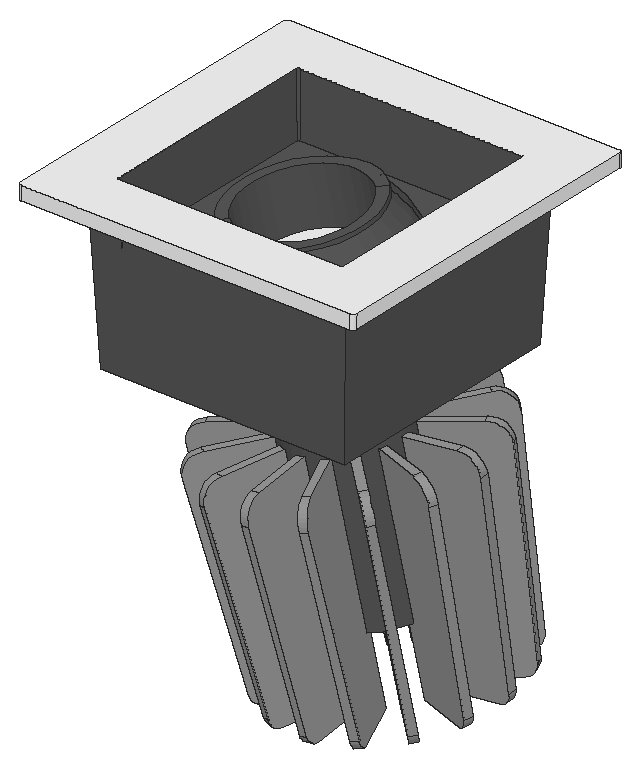
Revit family "2056236 Sylvania Lighting Fixture MYD ADJ SQ BLK 4K PHDIM WHT BEZ", category Lighting Fixtures, host Face, Revit 2016
Family settings
  Host = Face
  Part Type = Normal
  Round Connector Dimension = Use Diameter
  OmniClass Number = 23.80.70.00
  OmniClass Title = Lighting
  Cut with Voids When Loaded = Yes
  Light Source = No
  Shared = No
  Room Calculation Point = No
Parameters (values of type "2056236 MYD ADJ SQ BLK 4K PHDIM WHT BEZ")
  WidthCutOut_SYL = 72 mm
  Width_SYL = 86 mm
  WidthBezel_SYL = 7 mm
  Weight = "0.83 kg"
  Wattage Comments = "n/a"
  WarrantyStartDate [instance] = "n/a"
  WarrantyGuarantorParts = "n/a"
  WarrantyDurationUnit = "n/a"
  WarrantyDurationParts = "n/a"
  WarrantyDescription = "n/a"
  Voltage = 0 V
  VerticalTiltStart_FEILO [instance] = VerticalTilt_FEILO + 90.00°  # 135.00°
  VerticalTilt_FEILO [instance] = 45.00°
  URL = "http://www.sylvania-lighting.com"
  TypeName = "MYD ADJ SQ BLK 4K PHDIM WHT BEZ"
  TypeLamp_SYL = Myriad Adjustable Square Lamp : 2056236 MYD ADJ SQ BLK 4K PHDIM WHT BEZ
  Type Image = <None>
  Type Comments = "n/a"
  SphereRadius_FEILO = 31 mm
  SerialNumber [instance] = "n/a"
  Material_3_SYL = none
  PowerFactor = 0
  PowerConsumption = "10 W"
  NominalLength = 0 mm
  NominalHeight = 115 mm
  NominalDepth = 76 mm
  Name = "MYD ADJ SQ BLK 4K PHDIM WHT BEZ"
  ModelReference = Name  # "MYD ADJ SQ BLK 4K PHDIM WHT BEZ"
  ModelNumber = "2056236"
  Model = Name  # "MYD ADJ SQ BLK 4K PHDIM WHT BEZ"
  Material = "polycarbonate housing"
  ManufacturerName = "Feilo Sylvania"
  Manufacturer = "Feilo Sylvania"
  LuminousEfficacy = "68 lm/W"
  LuminaireType = ""
  LightOutputRatio = "100"
  LampsType = Lamp  # "LED"
  LampNominalLuminous = "684 lm"
  LampMacAdamStep = "n/a"
  LampColourTemperature = "4000 K"
  LampColourRenderingIndex = "85"
  Lamp = "LED"
  Keynote = "16500"
  InstallationDate [instance] = "n/a"
  InputVoltage = "n/a"
  InputNominalFrequency = "n/a"
  IngressProtection = "IP20"
  ImpactProtectionIndex = "IK02"
  IfcExportType = "IfcLightFixtureType"
  IfcExportAs = "IfcLightFixtureType"
  HorizontalTilt_FEILO [instance] = 10.00°
  HeightVoid_SYL = 16 mm
  HeightTop_SYL = 40 mm
  HeightBezel_SYL = 3.5 mm
  ExpectedLife = 50000
  ElectricShockClassification = "Class II"
  DurationUnit = "hours"
  DraftIn_SYL = tan(DraftAngle_SYL) * HeightVoid_SYL  # 0.699 mm
  DraftOut_SYL = tan(DraftAngle_SYL) * HeightTop_SYL  # 1.746 mm
  DraftAngle_SYL = 2.50°
  DocumentationLiterature = "http://www.sylvania-lighting.com/product/en-int/products/2056236"
  DimmingControlOptions = "n/a"
  Material_2_SYL = none
  Description = "MYD ADJ SQ BLK 4K PHDIM WHT BEZ"
  Default Elevation = 1219.2 mm
  CreatedOn = "9/11/2018"
  CreatedBy = "@sylvania-lighting.com"
  Cost = 0
  built-in parameter 1114216 [instance] = (empty or 0)
  ClassificationValue = "EF_70_80"
  ClassificationName = "Uniclass2015"
  Material_1_SYL = Body-Sylvania-MyriadAdjustableRound-Black
  BarCode [instance] = "n/a"
  AssetType = "Fixed"
  AssetIdentifier [instance] = "n/a"
  Assembly Code = "D5020200"
  Apparent Load = 10 VA
  Material_4_SYL = Body-Sylvania-MyriadAdjustableRound-White
Reference planes
  plane 1 "Center (Front/Back)": y = 0
  plane 2: z = 0
  plane 3 "Center (Left/Right)": x = 0
  plane 4: z = 3.5
  plane 5: z = -12.5
  plane 6: z = -24.5
  plane 7: x = -36
  plane 8: x = 36
  plane 9: x = -43
  plane 10: x = 43
  plane 11: x = -33
  plane 12: x = -31.254
  plane 13: x = 33
  plane 14: x = 31.254
  plane 15: y = 43
  plane 16: y = -43
  plane 17: y = 36
  plane 18: y = -36
  plane 19: y = -33
  plane 20: y = 33
  plane 21: y = 31.254
  plane 22: y = -31.254
  plane 23: z = -40
  plane 24: z = -130
  plane 25: y = 29
  plane 26: x = -29
  plane 27: x = 29
  plane 28: y = -29
  plane 29: x = -28.301
  plane 30: y = 28.301
  plane 31: x = 28.301
  plane 32: y = -28.301
  plane 33: x = -42.5
  plane 34: z = 3
Forms (mm)
  Revolve 1, solid, not visible
    sketch origin (0, 0, 0) x (1, 0, 0) y (0, 0, 1)
      loop
        line (0, -24.5) -> (2.4, -24.5) -> (2.4, -12.5) -> (0, -12.5) -> (0, -24.5)
      axis (0, -12.5) -> (0, -24.5)
    angle from 135 <- "VerticalTiltStart_FEILO" to 45 <- "VerticalTilt_FEILO"
  Extrusion 2, void
    sketch origin (0, 0, 0) x (1, 0, 0) y (0, 1, 0)
      loop
        line (-36, 36) -> (-36, -36) -> (36, -36) -> (36, 36) -> (-36, 36)
    from 0 to -130
  Extrusion 3, solid, material "Body-Sylvania-MyriadAdjustableRound-Black" <- "Material_1_SYL"
    sketch origin (0, 0, 0) x (1, 0, 0) y (0, 1, 0)
      loop
        arc (-42, 43) -> (-42.707, 42.707) -> (-43, 42) r 1
        line (-43, 42) -> (-43, -42)
        arc (-43, -42) -> (-42.707, -42.707) -> (-42, -43) r 1
        line (-42, -43) -> (42, -43)
        arc (42, -43) -> (42.707, -42.707) -> (43, -42) r 1
        line (43, -42) -> (43, 42)
        arc (43, 42) -> (42.707, 42.707) -> (42, 43) r 1
        line (42, 43) -> (-42, 43)
    from 0 to 3.5
  Blend 4, solid, material "Body-Sylvania-MyriadAdjustableRound-Black" <- "Material_1_SYL"
    base sketch origin (0, 0, 0) x (1, 0, 0) y (0, 1, 0)
      loop
        line (-33, 33) -> (-33, -33) -> (33, -33) -> (33, 33) -> (-33, 33)
    top sketch origin (0, 0, 0) x (1, 0, 0) y (0, 1, 0)
      loop
        line (-31.254, 31.254) -> (-31.254, -31.254) -> (31.254, -31.254) -> (31.254, 31.254) -> (-31.254, 31.254)
    from 0 to -40
  Blend 5, void
    base sketch origin (1223.4, -4572, 3.5) x (-1, 0, 0) y (0, -1, 0)
      loop
        arc (1251.727, -4601) -> (1252.203, -4600.803) -> (1252.4, -4600.327) r 0.673
        line (1252.4, -4600.327) -> (1252.4, -4543.673)
        arc (1252.4, -4543.673) -> (1252.203, -4543.197) -> (1251.727, -4543) r 0.673
        line (1251.727, -4543) -> (1195.073, -4543)
        arc (1195.073, -4543) -> (1194.597, -4543.197) -> (1194.4, -4543.673) r 0.673
        line (1194.4, -4543.673) -> (1194.4, -4600.327)
        arc (1194.4, -4600.327) -> (1194.597, -4600.803) -> (1195.073, -4601) r 0.673
        line (1195.073, -4601) -> (1251.727, -4601)
    top sketch origin (1223.4, -4572, 3.5) x (-1, 0, 0) y (0, -1, 0)
      loop
        arc (1251.201, -4600.301) -> (1251.555, -4600.155) -> (1251.701, -4599.801) r 0.5
        line (1251.701, -4599.801) -> (1251.701, -4544.199)
        arc (1251.701, -4544.199) -> (1251.555, -4543.845) -> (1251.201, -4543.699) r 0.5
        line (1251.201, -4543.699) -> (1195.638, -4543.699)
        arc (1195.638, -4543.699) -> (1195.257, -4543.857) -> (1195.099, -4544.238) r 0.539
        line (1195.099, -4544.238) -> (1195.099, -4599.801)
        arc (1195.099, -4599.801) -> (1195.245, -4600.155) -> (1195.599, -4600.301) r 0.5
        line (1195.599, -4600.301) -> (1251.201, -4600.301)
    from 0 to -16
  Revolve 6, void
    sketch origin (0, 0, 0) x (1, 0, 0) y (0, 0, 1)
      loop
        arc (0, 5.853) -> (-24.7, -24.5) -> (0, -54.853) r 31
        line (0, -54.853) -> (0, 5.853)
      axis (0, 5.853) -> (0, -54.853)
    angle from 360 to 0
Cuts and joins
  Blend 5 cuts Extrusion 3
  Blend 5, Revolve 6 cuts Blend 4
  joined: Extrusion 3, Blend 4
Lines and regions (mm)
  reference lines
    curve 1: circle (6.3, 0, -24.5) r 31 normal (0, -1, 0)
Dimensions and locks
  "HeightBezel_SYL": plane 4 to plane 2
  locked: plane 5 to plane 6 at 12
  equal spacing: plane 9, plane 3 "Center (Left/Right)", plane 10
  equal spacing: plane 16, plane 1 "Center (Front/Back)", plane 15
  "Width_SYL": plane 16 to plane 15
  "Width_SYL": plane 9 to plane 10
  equal spacing: plane 7, plane 3 "Center (Left/Right)", plane 8
  "WidthCutOut_SYL": plane 7 to plane 8
  equal spacing: plane 18, plane 1 "Center (Front/Back)", plane 17
  "WidthCutOut_SYL": plane 18 to plane 17
  equal spacing: plane 11, plane 3 "Center (Left/Right)", plane 13
  equal spacing: plane 19, plane 1 "Center (Front/Back)", plane 20
  locked: plane 18 to plane 19 at 3
  locked: plane 7 to plane 11 at 3
  equal spacing: plane 12, plane 3 "Center (Left/Right)", plane 14
  "DraftOut_SYL": plane 11 to plane 12
  equal spacing: plane 22, plane 1 "Center (Front/Back)", plane 21
  "DraftOut_SYL": plane 19 to plane 22
  "HeightTop_SYL": plane 2 to plane 23
  locked: plane 2 to plane 24 at 130
  equal spacing: plane 26, plane 3 "Center (Left/Right)", plane 27
  equal spacing: plane 28, plane 1 "Center (Front/Back)", plane 25
  "WidthBezel_SYL": plane 25 to plane 17
  "WidthBezel_SYL": plane 7 to plane 26
  equal spacing: plane 29, plane 3 "Center (Left/Right)", plane 31
  "DraftIn_SYL": plane 26 to plane 29
  equal spacing: plane 32, plane 1 "Center (Front/Back)", plane 30
  "DraftIn_SYL": plane 28 to plane 32
  "HeightVoid_SYL": plane 4 to plane 5
  locked: plane 33 to plane 9 at 0.5
  locked: plane 4 to plane 34 at 0.5
  curve 1 to plane 3 "Center (Left/Right)" = 6.3 mm
  "SphereRadius_FEILO": radius of curve 1
  aligned and locked: plane 2 to host face
  aligned and locked: level to host face
  aligned and locked: plane 6 to Revolve 1 sketch curve
  aligned and locked: Revolve 1 sketch curve to plane 3 "Center (Left/Right)"  (x2)
  aligned and locked: Revolve 1 sketch curve to plane 5
  aligned and locked: plane 17 to Extrusion 2 sketch curve
  aligned and locked: Extrusion 2 sketch curve to plane 18
  aligned and locked: Extrusion 2 sketch curve to plane 8
  aligned and locked: plane 7 to Extrusion 2 sketch curve
  aligned and locked: plane 24 to Extrusion 2
  aligned and locked: level to Extrusion 2
  aligned and locked: plane 15 to Extrusion 3 sketch curve
  aligned and locked: plane 9 to Extrusion 3 sketch curve
  aligned and locked: Extrusion 3 sketch curve to plane 16
  aligned and locked: Extrusion 3 sketch curve to plane 10
  aligned and locked: Extrusion 3 to plane 4
  aligned and locked: Extrusion 3 to level
  aligned and locked: plane 20 to Blend 4 sketch curve
  aligned and locked: Blend 4 sketch curve to plane 19
  aligned and locked: Blend 4 sketch curve to plane 13
  aligned and locked: plane 11 to Blend 4 sketch curve
  aligned and locked: plane 21 to Blend 4 sketch curve
  aligned and locked: plane 12 to Blend 4 sketch curve
  aligned and locked: Blend 4 sketch curve to plane 22
  aligned and locked: Blend 4 sketch curve to plane 14
  aligned and locked: plane 23 to Blend 4
  aligned and locked: level to Blend 4
  aligned and locked: nested 1 to plane 6
  aligned and locked: plane 25 to Blend 5 sketch curve
  aligned and locked: plane 26 to Blend 5 sketch curve
  aligned and locked: Blend 5 sketch curve to plane 28
  aligned and locked: Blend 5 sketch curve to plane 27
  aligned and locked: plane 30 to Blend 5 sketch curve
  aligned and locked: plane 29 to Blend 5 sketch curve
  aligned and locked: Blend 5 sketch curve to plane 32
  aligned and locked: Blend 5 sketch curve to plane 31
  aligned and locked: plane 5 to Blend 5
  aligned and locked: Blend 5 to plane 4
  aligned and locked: plane 6 to curve 1
  aligned and locked: Revolve 6 sketch curve to plane 3 "Center (Left/Right)"
Automatic sketch dimensions
  host sketch curve to host sketch curve = 2438.4 mm  (x2)
  Revolve 1 sketch curve to plane 4 = 2605.558 mm
  plane 3 "Center (Left/Right)" to Revolve 1 sketch curve = 2.4 mm
  plane 6 to Revolve 1 sketch curve = 577.6 mm
  plane 9 to Extrusion 3 sketch curve = 1 mm
  Extrusion 3 sketch curve to Extrusion 3 sketch curve = 1 mm
  Extrusion 3 sketch curve to plane 10 = 1 mm  (x2)
  plane 31 to Blend 5 sketch curve = 0.026 mm  (x2)
  Blend 5 sketch curve to plane 29 = 0.026 mm  (x2)
  Blend 5 sketch curve to Blend 5 sketch curve = 0.5 mm
  Blend 5 sketch curve to Blend 5 sketch curve = 0.539 mm
  plane 29 to Blend 5 sketch curve = 0.5 mm  (x2)
  plane 24 to Revolve 6 sketch curve = 479.6 mm
  Revolve 6 sketch curve to plane 4 = 2605.558 mm
  Revolve 6 sketch curve to plane 3 "Center (Left/Right)" = 0 mm
  Revolve 6 sketch curve to plane 6 = 0 mm
  plane 3 "Center (Left/Right)" to Revolve 6 sketch curve = 6.3 mm
  Revolve 6 sketch curve to plane 4 = 2.353 mm
Nested families
  nested 1: "Myriad Adjustable Square Rotation Feature" at (-0.473, 0.473, -24.5) x (-0.7071, 0.7071, 0) z (-0.7071, -0.7071, 0), HorizontalAxis <- "HorizontalTilt_FEILO", type "Myriad Adjustable Square Rotation Feature"
    with HorizontalAxis 10.00°, EndAngle 100.00°
  nested 2: "Myriad Adjustable Square Lamp" at (0, 0, -24.5) x (0.6964, 0.6964, 0.1736) z (0.1228, 0.1228, -0.9848), type <- "TypeLamp_SYL", type "2056236 MYD ADJ SQ BLK 4K PHDIM WHT BEZ"
Connectors
  electrical at (0, 0, 0), driven by "Apparent Load", driven by "PowerFactor", driven by "Voltage"
    settings: index 1, voltage 0 V, apparent load 10 VA, apparent load phase1 0 VA, apparent load phase2 0 VA, apparent load phase3 0 VA, power factor 0, load classification "Lighting", number of poles 1, system type 30, power factor state 1, is connector primary yes, connector utility no, sub classification motor no, connector description ""
Definition of nested family "Myriad Adjustable Square Rotation Feature"
  Parameters (values of type "Myriad Adjustable Square Rotation Feature")
    URL = "http://www.sylvania-lighting.com"
    Type Comments = "n/a"
    Model = "n/a"
    Manufacturer = "Feilo Sylvania"
    Keynote = "n/a"
    HorizontalAxis [instance] = 0.00°
    EndAngle [instance] = HorizontalAxis + 90.00°  # 90.00°
    Description = "n/a"
    Default Elevation = 1219.2 mm
    Cost = 0
    Assembly Code = "n/a"
  Reference planes
    plane 1 "Center (Front/Back)": y = 0
    plane 2: z = 0
    plane 3 "Center (Left/Right)": x = 0
    plane 4: z = 10
    plane 5: x = -10
    plane 6: x = 10
  Forms (mm)
    Extrusion 1, solid
      sketch origin (-0.8, 0, 0) x (1, 0, 0) y (0, 1, 0)
        loop
          line (-1219.2, 1219.2) -> (-1219.2, -1219.2) -> (1219.2, -1219.2) -> (1219.2, 1219.2) -> (-1219.2, 1219.2)
      from 0 to -304.8
    Revolve 2, solid
      sketch origin (0, 0, 0) x (1, 0, 0) y (0, 0, 1)
        loop
          line (-10, 10) -> (-10, 0) -> (10, 0) -> (10, 10) -> (-10, 10)
        axis (-10, 0) -> (10, 0)
      angle from 0 <- "HorizontalAxis" to 90 <- "EndAngle"
  Dimensions and locks
    plane 4 to plane 2 = 10 mm
    aligned and locked: plane 2 to Extrusion 1
    aligned and locked: level to Extrusion 1
    aligned and locked: Revolve 2 sketch curve to plane 4
    aligned and locked: plane 5 to Revolve 2 sketch curve
    aligned and locked: Extrusion 1 to Revolve 2 sketch curve
    aligned and locked: Revolve 2 sketch curve to plane 2
    aligned and locked: Revolve 2 sketch curve to plane 6
Definition of nested family "Myriad Adjustable Square Lamp"
  Parameters (values of type "2058044 MYSQ AD BLK 2.7K DALI SIL BZ")
    Wattage = 10 W
    built-in parameter 1150110 = 1 (stored number, unit not read)
    URL = "http://www.sylvania-lighting.com"
    Type Comments = "n/a"
    built-in parameter 1114217 = 1 (stored number, unit not read)
    Tilt Angle = 90.00°
    built-in parameter 1150109 = 1 (stored number, unit not read)
    built-in parameter 1150134 = (empty or 0)
    built-in parameter 1150113 = 1 (stored number, unit not read)
    SphereRadius_SYL = 31 mm
    RimHeight_SYL = 1 mm
    Material_3_SYL = none
    Photometric Web File = "2058044.ies"
    Model = "MYSQ AD BLK 2.7K DALI SIL BZ"
    Manufacturer = "Feilo Sylvania"
    built-in parameter 1150105 = 54.113 (stored number, unit not read)
    Lumens = 680 lm
    built-in parameter 1150115 = 1 (stored number, unit not read)
    built-in parameter 1150137 = (empty or 0)
    built-in parameter 1150139 = (empty or 0)
    built-in parameter 1150112 = 1 (stored number, unit not read)
    built-in parameter 1150114 = 1 (stored number, unit not read)
    Lamp = "LED"
    Keynote = "16500"
    built-in parameter 1150132 = (empty or 0)
    built-in parameter 1150102 = (empty or 0)
    built-in parameter 1150107 = 2700 (stored number, unit not read)
    built-in parameter 1150138 = (empty or 0)
    built-in parameter 1150106 = 0.54113 (stored number, unit not read)
    Emit from Circle Diameter = 30 mm
    Emit Shape Visible in Rendering = no
    built-in parameter 1150104 = 6.3174 (stored number, unit not read)
    Dimming Lamp Color Temperature Shift = (empty or 0)
    Material_2_SYL = none
    Description = "Myriad Adjustable Square 2700K DALI black interior with silver bezel"
    Default Elevation = 1219.2 mm
    Cost = 0
    Color Filter = 16777215
    Material_1_SYL = none
    built-in parameter 1114218 = 1 (stored number, unit not read)
    built-in parameter 1150133 = 10 (stored number, unit not read)
    Assembly Code = "D5020200"
    Material_4_SYL = none
    Apparent Load = 10 VA
  Types (24, lengths in mm): name | built-in parameter 1150134 | Photometric Web File | Model | built-in parameter 1150105 | Lumens | built-in parameter 1150107 | built-in parameter 1150106 | built-in parameter 1150104 | Description
    2058044 MYSQ AD BLK 2.7K DALI SIL BZ | (empty or 0) | "2058044.ies" | "MYSQ AD BLK 2.7K DALI SIL BZ" | 54.113 (stored number, unit not read) | 680 lm | 2700 (stored number, unit not read) | 0.54113 (stored number, unit not read) | 6.3174 (stored number, unit not read) | "Myriad Adjustable Square 2700K DALI black interior with silver bezel"
    2058043 MYSQ AD BLK 2.7K PHDIM SIL BZ | (empty or 0) | "2058043.ies" | "MYSQ AD BLK 2.7K PHDIM SIL BZ" | 54.113 (stored number, unit not read) | 680 lm | 2700 (stored number, unit not read) | 0.54113 (stored number, unit not read) | 6.3174 (stored number, unit not read) | "Myriad Adjustable Square 2700K Phase dimmable black interior with silver bezel"
    2058042 MYSQ AD BLK 2.7K DALI WHT BZ | (empty or 0) | "2058042.ies" | "MYSQ AD BLK 2.7K DALI WHT BZ" | 54.113 (stored number, unit not read) | 680 lm | 2700 (stored number, unit not read) | 0.54113 (stored number, unit not read) | 6.3174 (stored number, unit not read) | "Myriad Adjustable Square 2700K DALI black interior with white bezel"
    2058041 MYSQ AD BLK 2.7K PHDIM WHT BZ | (empty or 0) | "2058041.ies" | "MYSQ AD BLK 2.7K PHDIM WHT BZ" | 45.359 (stored number, unit not read) | 570 lm | 2700 (stored number, unit not read) | 0.45359 (stored number, unit not read) | 5.2955 (stored number, unit not read) | "Myriad Adjustable Square 2700K Phase dimmable black interior with white bezel"
    2058040 MYSQ AD WHT 2.7K DALI SIL BZ | (empty or 0) | "2058040.ies" | "MYSQ AD WHT 2.7K DALI SIL BZ" | 45.359 (stored number, unit not read) | 570 lm | 2700 (stored number, unit not read) | 0.45359 (stored number, unit not read) | 5.2955 (stored number, unit not read) | "Myriad Adjustable Square 2700K DALI White interior with silver bezel."
    2058039 MYSQ AD WHT 2.7K PHDIM SIL BZ | (empty or 0) | "2058039.ies" | "MYSQ AD WHT 2.7K PHDIM SIL BZ" | 54.113 (stored number, unit not read) | 680 lm | 2700 (stored number, unit not read) | 0.54113 (stored number, unit not read) | 6.3174 (stored number, unit not read) | "MYSQ AD WHT 2.7K PHDIM SIL BZ"
    2058038 MYSQ AD WHT 2.7K DALI WHT BZ | (empty or 0) | "2058038.ies" | "MYSQ AD WHT 2.7K DALI WHT BZ" | 54.113 (stored number, unit not read) | 680 lm | 2700 (stored number, unit not read) | 0.54113 (stored number, unit not read) | 6.3174 (stored number, unit not read) | "MYSQ AD WHT 2.7K DALI WHT BZ"
    2058037 MYSQ AD WHT 2.7K PHDIM WHT BZ | (empty or 0) | "2058037.ies" | "MYSQ AD WHT 2.7K PHDIM WHT BZ" | 54.113 (stored number, unit not read) | 680 lm | 2700 (stored number, unit not read) | 0.54113 (stored number, unit not read) | 6.3174 (stored number, unit not read) | "Myriad Adjustable SQ White 2,7K Phase dim White Bezel"
    2056239 MYD ADJ SQ BLK 4K DALI SIL BEZ | 12 | "2056239.ies" | "MYD ADJ SQ BLK 4K DALI SIL BEZ" | 54.113 (stored number, unit not read) | 680 lm | 4000 (stored number, unit not read) | 0.54113 (stored number, unit not read) | 6.3174 (stored number, unit not read) | "MYD ADJ SQ BLK 4K DALI SIL BEZ"
    2056238 MYR ADJ SQ BLK 4K PHDIM SIL BEZ | 12 | "2056238.ies" | "MYR ADJ SQ BLK 4K PHDIM SIL BEZ" | 54.113 (stored number, unit not read) | 680 lm | 4000 (stored number, unit not read) | 0.54113 (stored number, unit not read) | 6.3174 (stored number, unit not read) | "MYR ADJ SQ BLK 4K PHDIM SIL BEZ"
    2056237 MYD ADJ SQ BLK 4K DALI WHT BEZ | 12 | "2056237.ies" | "MYD ADJ SQ BLK 4K DALI WHT BEZ" | 54.113 (stored number, unit not read) | 680 lm | 4000 (stored number, unit not read) | 0.54113 (stored number, unit not read) | 6.3174 (stored number, unit not read) | "MYD ADJ SQ BLK 4K DALI WHT BEZ"
    2056236 MYD ADJ SQ BLK 4K PHDIM WHT BEZ | 12 | "2056236.ies" | "MYD ADJ SQ BLK 4K PHDIM WHT BEZ" | 54.113 (stored number, unit not read) | 680 lm | 4000 (stored number, unit not read) | 0.54113 (stored number, unit not read) | 6.3174 (stored number, unit not read) | "MYD ADJ SQ BLK 4K PHDIM WHT BEZ"
    2056235 MYD ADJ SQ BLK 3K DALI SIL BEZ | (empty or 0) | "2056235.ies" | "MYD ADJ SQ BLK 3K DALI SIL BEZ" | 55.704 (stored number, unit not read) | 700 lm | 3000 (stored number, unit not read) | 0.55704 (stored number, unit not read) | 6.5032 (stored number, unit not read) | "MYD ADJ SQ BLK 3K DALI SIL BEZ"
    2056234 MYD ADJ SQ BLK 3K PHDIM SILBEZ | (empty or 0) | "2056234.ies" | "MYD ADJ SQ BLK 3K PHDIM SILBEZ" | 55.704 (stored number, unit not read) | 700 lm | 3000 (stored number, unit not read) | 0.55704 (stored number, unit not read) | 6.5032 (stored number, unit not read) | "MYD ADJ SQ BLK 3K PHDIM SILBEZ"
    2056233 MYD ADJ SQ BLK 3K DALI WHT BEZ | (empty or 0) | "2056233.ies" | "MYD ADJ SQ BLK 3K DALI WHT BEZ" | 55.704 (stored number, unit not read) | 700 lm | 3000 (stored number, unit not read) | 0.55704 (stored number, unit not read) | 6.5032 (stored number, unit not read) | "MYD ADJ SQ BLK 3K DALI WHT BEZ"
    2056232 MYD ADJ SQ BLK 3K PHDIM WHT BEZ | (empty or 0) | "2056232.ies" | "MYD ADJ SQ BLK 3K PHDIM WHT BEZ" | 55.704 (stored number, unit not read) | 700 lm | 3000 (stored number, unit not read) | 0.55704 (stored number, unit not read) | 6.5032 (stored number, unit not read) | "MYD ADJ SQ BLK 3K PHDIM WHT BEZ"
    2056231 MYD ADJ SQ WHT 4K DALI SIL BEZ | 12 | "2056231.ies" | "MYD ADJ SQ WHT 4K DALI SIL BEZ" | 54.113 (stored number, unit not read) | 680 lm | 4000 (stored number, unit not read) | 0.54113 (stored number, unit not read) | 6.3174 (stored number, unit not read) | "MYD ADJ SQ WHT 4K DALI SIL BEZ"
    2056230 MYD ADJ SQ WHT 4K PHDIM SIL BEZ | 12 | "2056230.ies" | "MYD ADJ SQ WHT 4K PHDIM SIL BEZ" | 54.113 (stored number, unit not read) | 680 lm | 4000 (stored number, unit not read) | 0.54113 (stored number, unit not read) | 6.3174 (stored number, unit not read) | "Myriad Adjustable Square 4000K phase dimmable white with silver bezel"
    2056229 MYD ADJ SQ WHT 4K DALI WHT BEZ | 12 | "2056229.ies" | "MYD ADJ SQ WHT 4K DALI WHT BEZ" | 54.113 (stored number, unit not read) | 680 lm | 4000 (stored number, unit not read) | 0.54113 (stored number, unit not read) | 6.3174 (stored number, unit not read) | "MYD ADJ SQ WHT 4K DALI WHT BEZ"
    2056228 MYD ADJ SQ WHT 4K PHDIM WHT BEZ | 12 | "2056228.ies" | "MYD ADJ SQ WHT 4K PHDIM WHT BEZ" | 54.113 (stored number, unit not read) | 680 lm | 4000 (stored number, unit not read) | 0.54113 (stored number, unit not read) | 6.3174 (stored number, unit not read) | "MYD ADJ SQ WHT 4K PHDIM WHT BEZ"
    2056227 MYD ADJ SQ WHT 3K DALI SIL BEZ | (empty or 0) | "2056227.ies" | "MYD ADJ SQ WHT 3K DALI SIL BEZ" | 55.704 (stored number, unit not read) | 700 lm | 3000 (stored number, unit not read) | 0.55704 (stored number, unit not read) | 6.5032 (stored number, unit not read) | "MYD ADJ SQ WHT 3K DALI SIL BEZ"
    2056226 MYD ADJ SQ WHT 3K PHDIM SIL BEZ | (empty or 0) | "2056226.ies" | "MYD ADJ SQ WHT 3K PHDIM SIL BEZ" | 55.704 (stored number, unit not read) | 700 lm | 3000 (stored number, unit not read) | 0.55704 (stored number, unit not read) | 6.5032 (stored number, unit not read) | "MYD ADJ SQ WHT 3K PHDIM SIL BEZ"
    2056225 MYD ADJ SQ WHT 3K DALI WHT BEZ | (empty or 0) | "2056225.ies" | "MYD ADJ SQ WHT 3K DALI WHT BEZ" | 55.704 (stored number, unit not read) | 700 lm | 3000 (stored number, unit not read) | 0.55704 (stored number, unit not read) | 6.5032 (stored number, unit not read) | "MYD ADJ SQ WHT 3K DALI WHT BEZ"
    2056224 MYD ADJ SQ WHT 3K PHDIM WHT BEZ | (empty or 0) | "2056224.ies" | "MYD ADJ SQ WHT 3K PHDIM WHT BEZ" | 55.704 (stored number, unit not read) | 700 lm | 3000 (stored number, unit not read) | 0.55704 (stored number, unit not read) | 6.5032 (stored number, unit not read) | "MYD ADJ SQ WHT 3K PHDIM WHT BEZ"
  Reference planes
    plane 1 "Center (Front/Back)": y = 0
    plane 2: z = 0
    plane 3 "Center (Left/Right)": x = 0
    plane 4: x = -35
    plane 5: x = -12
    plane 6: x = -15
    plane 7: x = -25
    plane 8: x = -17.8
    plane 9: z = -19.5
    plane 10: z = 19.5
    plane 11: z = 30.5
    plane 12: z = 71.5
    plane 13: z = 90.5
    plane 14: z = 0
    plane 15: z = -5.5
    plane 16: x = -30
    plane 17: z = -20.5
  Forms (mm)
    Extrusion 1, solid
      sketch origin (-0.8, 0, 0) x (1, 0, 0) y (0, 1, 0)
        loop
          line (-1219.2, 1219.2) -> (-1219.2, -1219.2) -> (1219.2, -1219.2) -> (1219.2, 1219.2) -> (-1219.2, 1219.2)
      from 0 to -304.8
    Revolve 2, solid, material <- "Material_1_SYL"
      sketch origin (0, 0, 0) x (1, 0, 0) y (0, 0, 1)
        loop
          line (-15, -20.5) -> (-15, -5.5) -> (0, -5.5) -> (0, 30.5) -> (-12, 30.5) -> (-12, 71.5) -> (-15, 71.5) -> (-15, 19.5) -> (-17.8, 19.5)
          arc (-17.8, 19.5) -> (-24.701, 0) -> (-17.8, -19.5) r 31
          line (-17.8, -19.5) -> (-17.8, -20.5) -> (-15, -20.5)
        axis (0, 71.5) -> (0, -20.5)
      angle from 0 to 360
    Revolve 3, solid, material <- "Material_1_SYL", detail levels coarse+medium
      sketch origin (0, 0, 0) x (1, 0, 0) y (0, 0, 1)
        loop
          line (0, 30.5) -> (0, 90.5) -> (-30, 90.5) -> (-35, 30.5) -> (0, 30.5)
        axis (0, 90.5) -> (0, 30.5)
      angle from 0 to 360
  Lines and regions (mm)
    reference lines
      curve 1: line (0, 0, 0) -> (-32.336, 13.394, 0)
      curve 2: circle (0, 0, 0) r 35 normal (0, 0, 1)
      curve 3: line (0, 0, 0) -> (-24.749, 24.749, 0)
      curve 4: line (0, 0, 0) -> (-13.394, 32.336, 0)
      curve 5: line (0, 0, 0) -> (13.394, 32.336, 0)
      curve 6: line (0, 0, 0) -> (24.749, 24.749, 0)
      curve 7: line (0, 0, 0) -> (32.336, 13.394, 0)
      curve 8: line (0, 0, 0) -> (32.336, -13.394, 0)
      curve 9: line (0, 0, 0) -> (24.749, -24.749, 0)
      curve 10: line (0, 0, 0) -> (13.394, -32.336, 0)
      curve 11: line (0, 0, 0) -> (-13.394, -32.336, 0)
      curve 12: line (0, 0, 0) -> (-24.749, -24.749, 0)
      curve 13: line (0, 0, 0) -> (-32.336, -13.394, 0)
  Dimensions and locks
    locked: plane 3 "Center (Left/Right)" to plane 4 at 35
    locked: plane 3 "Center (Left/Right)" to plane 5 at 12
    locked: plane 3 "Center (Left/Right)" to plane 6 at 15
    locked: plane 3 "Center (Left/Right)" to plane 7 at 25
    locked: plane 3 "Center (Left/Right)" to plane 8 at 17.8
    equal spacing: plane 10, plane 14, plane 9
    locked: plane 3 "Center (Left/Right)" to plane 16 at 30
    "RimHeight_SYL": plane 9 to plane 17
    locked: plane 15 to plane 17 at 15
    locked: plane 10 to plane 17 at 40
    locked: plane 11 to plane 17 at 51
    locked: plane 12 to plane 17 at 92
    locked: plane 13 to plane 17 at 111
    radius of curve 2 = 35 mm
    "SphereRadius_SYL": radius of Revolve 2 sketch curve
    angle curve 3 to plane 1 "Center (Front/Back)" = 45.00°
    angle curve 4 to plane 1 "Center (Front/Back)" = 67.50°
    angle plane 1 "Center (Front/Back)" to curve 5 = 67.50°
    angle plane 1 "Center (Front/Back)" to curve 6 = 45.00°
    angle plane 1 "Center (Front/Back)" to curve 7 = 22.50°
    angle curve 8 to plane 1 "Center (Front/Back)" = 22.50°
    angle curve 9 to plane 1 "Center (Front/Back)" = 45.00°
    angle curve 10 to plane 1 "Center (Front/Back)" = 67.50°
    angle curve 11 to plane 3 "Center (Left/Right)" = 22.50°
    angle curve 12 to plane 3 "Center (Left/Right)" = 45.00°
    angle curve 13 to plane 3 "Center (Left/Right)" = 67.50°
    aligned and locked: plane 2 to Extrusion 1
    aligned and locked: level to Extrusion 1
    aligned and locked: Revolve 2 sketch curve to plane 3 "Center (Left/Right)"  (x2)
    aligned and locked: plane 8 to Revolve 2 sketch curve  (x2)
    aligned and locked: plane 10 to Revolve 2 sketch curve
    aligned and locked: plane 6 to Revolve 2 sketch curve  (x2)
    aligned and locked: plane 12 to Revolve 2 sketch curve
    aligned and locked: Revolve 2 sketch curve to plane 5
    aligned and locked: plane 3 "Center (Left/Right)" to Revolve 2 sketch curve
    aligned and locked: plane 11 to Revolve 2 sketch curve
    aligned and locked: plane 3 "Center (Left/Right)" to curve 1
    aligned and locked: plane 3 "Center (Left/Right)" to curve 2
    aligned and locked: Revolve 3 sketch curve to plane 3 "Center (Left/Right)"
    aligned and locked: plane 13 to Revolve 3 sketch curve
    aligned and locked: plane 14 to level
    aligned and locked: plane 17 to Revolve 2 sketch curve
    aligned and locked: plane 15 to Revolve 2 sketch curve
    aligned and locked: imposter light to plane 1 "Center (Front/Back)"
    aligned and locked: plane 3 "Center (Left/Right)" to imposter light
    aligned and locked: plane 1 "Center (Front/Back)" to nested 1
    aligned and locked: plane 3 "Center (Left/Right)" to nested 1
    aligned and locked: imposter light to plane 15
  Automatic sketch dimensions
    Extrusion 1 sketch curve to Extrusion 1 sketch curve = 2438.4 mm  (x2)
    plane 1 "Center (Front/Back)" to curve 2 = 0 mm
    plane 1 "Center (Front/Back)" to curve 11 = 0 mm
    curve 1 to plane 16 = 2.336 mm
    Revolve 3 sketch curve to level = 609.6 mm
    Revolve 3 sketch curve to Revolve 3 sketch curve = 2498.058 mm
    Revolve 3 sketch curve to plane 4 = 0 mm
    Revolve 3 sketch curve to plane 16 = 0 mm
    Revolve 3 sketch curve to plane 3 "Center (Left/Right)" = 0 mm
    Revolve 3 sketch curve to plane 11 = 0 mm
    Revolve 2 sketch curve to level = 0 mm
    Revolve 2 sketch curve to plane 17 = 588.1 mm
    Revolve 2 sketch curve to plane 13 = 2498.058 mm
  Nested families
    nested 1: "Myriad Rib" at (0, 0, -20.5), type "Myriad Rib", detail levels fine
    nested 2: "Myriad Rib" at (0, 0, -20.5) x (0.9239, -0.3827, 0) z (0, 0, 1), type "Myriad Rib", detail levels fine
    nested 3: "Myriad Rib" at (0, 0, -20.5) x (0.7071, -0.7071, 0) z (0, 0, 1), type "Myriad Rib", detail levels fine
    nested 4: "Myriad Rib" at (0, 0, -20.5) x (0.3827, -0.9239, 0) z (0, 0, 1), type "Myriad Rib", detail levels fine
    nested 5: "Myriad Rib" at (0, 0, -20.5) x (0, -1, 0) z (0, 0, 1), type "Myriad Rib", detail levels fine
    nested 6: "Myriad Rib" at (0, 0, -20.5) x (-0.3827, -0.9239, 0) z (0, 0, 1), type "Myriad Rib", detail levels fine
    nested 7: "Myriad Rib" at (0, 0, -20.5) x (-0.7071, -0.7071, 0) z (0, 0, 1), type "Myriad Rib", detail levels fine
    nested 8: "Myriad Rib" at (0, 0, -20.5) x (-0.9239, -0.3827, 0) z (0, 0, 1), type "Myriad Rib", detail levels fine
    nested 9: "Myriad Rib" at (0, 0, -20.5) x (-1, 0, 0) z (0, 0, 1), type "Myriad Rib", detail levels fine
    nested 10: "Myriad Rib" at (0, 0, -20.5) x (-0.9239, 0.3827, 0) z (0, 0, 1), type "Myriad Rib", detail levels fine
    nested 11: "Myriad Rib" at (0, 0, -20.5) x (-0.7071, 0.7071, 0) z (0, 0, 1), type "Myriad Rib", detail levels fine
    nested 12: "Myriad Rib" at (0, 0, -20.5) x (-0.3827, 0.9239, 0) z (0, 0, 1), type "Myriad Rib", detail levels fine
    nested 13: "Myriad Rib" at (0, 0, -20.5) x (0, 1, 0) z (0, 0, 1), type "Myriad Rib", detail levels fine
    nested 14: "Myriad Rib" at (0, 0, -20.5) x (0.3827, 0.9239, 0) z (0, 0, 1), type "Myriad Rib", detail levels fine
    nested 15: "Myriad Rib" at (0, 0, -20.5) x (0.7071, 0.7071, 0) z (0, 0, 1), type "Myriad Rib", detail levels fine
    nested 16: "Myriad Rib" at (0, 0, -20.5) x (0.9239, 0.3827, 0) z (0, 0, 1), type "Myriad Rib", detail levels fine
  Definition of nested family "Myriad Rib"
    Parameters (values of type "Myriad Rib")
      URL = "http://www.feilosylvania.com"
      Type Comments = "n/a"
      Material_3_SYL = none
      Model = "n/a"
      Manufacturer = "Feilo Sylvania"
      Keynote = "n/a"
      Material_2_SYL = none
      Description = "n/a"
      Default Elevation = 1219.2 mm
      Cost = 0
      Material_1_SYL = none
      Assembly Code = "n/a"
      Material_4_SYL = none
    Reference planes
      plane 1 "Center (Front/Back)": y = 0
      plane 2: z = 0
      plane 3 "Center (Left/Right)": x = 0
      plane 4: x = -35
      plane 5: x = -30
      plane 6: x = -13
      plane 7: z = 51
      plane 8: z = 111
      plane 9: y = 1
      plane 10: y = -1
    Forms (mm)
      Extrusion 1, solid
        sketch origin (-0.8, 0, 0) x (1, 0, 0) y (0, 1, 0)
          loop
            line (-1219.2, 1219.2) -> (-1219.2, -1219.2) -> (1219.2, -1219.2) -> (1219.2, 1219.2) -> (-1219.2, 1219.2)
        from 0 to -304.8
      Extrusion 2, solid, material <- "Material_1_SYL"
        sketch origin (0, 0, 0) x (1, 0, 0) y (0, 0, 1)
          loop
            line (-13, 111) -> (-27.182, 111)
            arc (-27.182, 111) -> (-29.214, 110.208) -> (-30.172, 108.249) r 3
            line (-30.172, 108.249) -> (-34.491, 56.415)
            arc (-34.491, 56.415) -> (-33.188, 52.614) -> (-29.509, 51) r 5
            line (-29.509, 51) -> (-13, 51) -> (-13, 111)
        from -1 to 1
    Dimensions and locks
      locked: plane 7 to plane 2 at 51
      locked: plane 8 to plane 2 at 111
      locked: plane 3 "Center (Left/Right)" to plane 6 at 13
      locked: plane 3 "Center (Left/Right)" to plane 5 at 30
      locked: plane 3 "Center (Left/Right)" to plane 4 at 35
      equal spacing: plane 10, plane 1 "Center (Front/Back)", plane 9, locked at 1 each
      locked: plane 10 to plane 9 at 2
      aligned and locked: plane 2 to Extrusion 1
      aligned and locked: level to Extrusion 1
      aligned and locked: plane 8 to Extrusion 2 sketch curve  (x2)
      aligned and locked: Extrusion 2 sketch curve to plane 6
      aligned and locked: Extrusion 2 sketch curve to plane 7
      aligned and locked: Extrusion 2 to plane 9
      aligned and locked: plane 10 to Extrusion 2
    Automatic sketch dimensions
      Extrusion 1 sketch curve to Extrusion 1 sketch curve = 2438.4 mm  (x2)
      Extrusion 2 sketch curve to plane 6 = 0 mm
      plane 5 to Extrusion 2 sketch curve = 2.818 mm
      plane 5 to Extrusion 2 sketch curve = 0.491 mm
      Extrusion 2 sketch curve to plane 5 = 0.172 mm
      plane 4 to Extrusion 2 sketch curve = 0.509 mm
      Extrusion 2 sketch curve to Extrusion 2 sketch curve = 5 mm
      Extrusion 2 sketch curve to Extrusion 2 sketch curve = 3 mm
